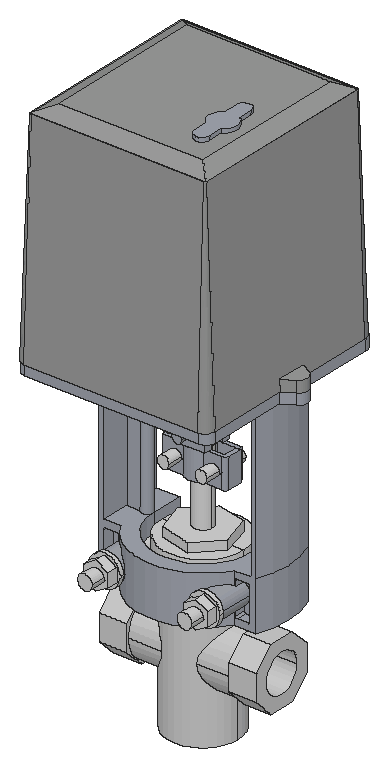
Revit family "РИДАН_Клапан регулирующий VRB-2R", category Арматура трубопроводов, Revit 2019
Family settings
  Размер круглого соединителя = Использовать диаметр
  Тип детали = Вставляется
  На основе рабочей плоскости = Нет
  Всегда вертикально = Да
  При загрузке вырезать с полостями = Нет
  Общий = Нет
Parameters (values of type "DN15 Kvs=0,63")
  Тип = 1
  Привод_3 [instance] = ► : AME-1000R 24В
  Привод_2 [instance] = ► : AMV-1000R 24В
  Привод_1 [instance] = ► : AMV-1000R 220В
  Привод_ [instance] = if(Привод = Привод_1, 1, if(Привод = Привод_2, 2, if(Привод = Привод_3, 3, 4)))  # 1
  Привод [instance] = ► : AMV-1000R 220В
  Контакты_Производитель = "info@ridan.ru"  # constant formula
  k = size_lookup(LT, "k", 20 mm, ADSK_Диаметр условный)  # 21.3 mm
  j = size_lookup(LT, "j", 20 mm, ADSK_Диаметр условный)  # 34 mm
  i = size_lookup(LT, "i", 20 mm, ADSK_Диаметр условный)  # 25 mm
  h = size_lookup(LT, "h", 20 mm, ADSK_Диаметр условный)  # 33 mm
  g = size_lookup(LT, "g", 20 mm, ADSK_Диаметр условный)  # 22.15 mm
  f = size_lookup(LT, "f", 20 mm, ADSK_Диаметр условный)  # 62.65 mm
  e = size_lookup(LT, "e", 20 mm, ADSK_Диаметр условный)  # 38 mm
  d = size_lookup(LT, "d", 20 mm, ADSK_Диаметр условный)  # 44 mm
  c = size_lookup(LT, "c", 20 mm, ADSK_Диаметр условный)  # 27.5 mm
  b = size_lookup(LT, "b", 20 mm, ADSK_Диаметр условный)  # 55 mm
  a = size_lookup(LT, "a", 20 mm, ADSK_Диаметр условный)  # 15 mm
  URL = "https://ridan.ru/"
  LT = "VRB-2R"  # constant formula
  ADSK_Расход жидкости = 0.000 m³/h
  ADSK_Пропускная способность = size_lookup(LT, "Kv", 0.000 m³/h, ADSK_Диаметр условный)  # 0.630 m³/h
  ADSK_Потеря давления жидкости = 100000.0 Pa * (ADSK_Расход жидкости / ADSK_Пропускная способность) ^ 2  # 0.0 Pa
  ADSK_Полная мощность = ADSK_Номинальная мощность / ADSK_Коэффициент мощности  # 6.7 VA
  ADSK_Номинальная мощность = 6.7 W
  ADSK_Напряжение [instance] = if(Привод_ = 1, 220 V, 24 V)  # 220 V
  ADSK_Наименование = size_lookup(LT, "Name", "", ADSK_Диаметр условный, Тип)  # "Клапан регулирующий VRB-2R с внутренней резьбой PN25, Tmax=130C, DN15, Kvs=0,63 м3\\ч"
  ADSK_Масса_Текст = ""
  ADSK_Масса = size_lookup(LT, "M", 0, ADSK_Диаметр условный, Тип)  # 1.25
  ADSK_Марка = size_lookup(LT, "Mark", "", ADSK_Диаметр условный, Тип)  # "VRB-2R DN15"
  ADSK_Коэффициент мощности = 1
  ADSK_Количество фаз = 1
  ADSK_Количество = 1  # constant formula
  ADSK_Код изделия = size_lookup(LT, "", "", ADSK_Диаметр условный, Тип)  # "065Z0231R"
  ADSK_Классификация нагрузок = Прочее
  ADSK_Завод-изготовитель = "ООО «Ридан-Трейд»"  # constant formula
  ADSK_Единица измерения = "шт."
  ADSK_Диаметр условный = 15 mm
  ADSK_Версия семейства = "1.0"  # constant formula
  ADSK_Версия Revit = "2019"  # constant formula
Types (11, lengths in mm): name | Тип | k | j | i | h | g | f | e | d | c | b | a | ADSK_Пропускная способность | ADSK_Полная мощность | ADSK_Номинальная мощность | ADSK_Наименование | ADSK_Масса | ADSK_Марка | ADSK_Код изделия | ADSK_Классификация нагрузок | ADSK_Диаметр условный
  (no name) | 1 | 21.3 | 34 | 25 | 33 | 22.15 | 62.65 | 38 | 44 | 27.5 | 55 | 15 | 0.630 m³/h | 6.7 VA | 6.7 W | "Клапан регулирующий VRB-2R с внутренней резьбой PN25, Tmax=130C, DN15, Kvs=0,63 м3\\ч" | 1.25 | "VRB-2R DN15" | "065Z0231R" | Прочее | 15
  DN15 Kvs=0,63 | 1 | 21.3 | 34 | 25 | 33 | 22.15 | 62.65 | 38 | 44 | 27.5 | 55 | 15 | 0.630 m³/h | 6.7 VA | 6.7 W | "Клапан регулирующий VRB-2R с внутренней резьбой PN25, Tmax=130C, DN15, Kvs=0,63 м3\\ч" | 1.25 | "VRB-2R DN15" | "065Z0231R" | Прочее | 15
  DN15 Kvs=1 | 2 | 21.3 | 34 | 25 | 33 | 22.15 | 62.65 | 38 | 44 | 27.5 | 55 | 15 | 0.630 m³/h | 0 VA | 0 W | "Клапан регулирующий VRB-2R с внутренней резьбой PN25, Tmax=130C, DN15, Kvs=1 м3\\ч" | 1.25 | "VRB-2R DN15" | "065Z0232R" | none | 15
  DN15 Kvs=1,6 | 3 | 21.3 | 34 | 25 | 33 | 22.15 | 62.65 | 38 | 44 | 27.5 | 55 | 15 | 0.630 m³/h | 0 VA | 0 W | "Клапан регулирующий VRB-2R с внутренней резьбой PN25, Tmax=130C, DN15, Kvs=1,6 м3\\ч" | 1.25 | "VRB-2R DN15" | "065Z0233R" | none | 15
  DN15 Kvs=2,5 | 4 | 21.3 | 34 | 25 | 33 | 22.15 | 62.65 | 38 | 44 | 27.5 | 55 | 15 | 0.630 m³/h | 0 VA | 0 W | "Клапан регулирующий VRB-2R с внутренней резьбой PN25, Tmax=130C, DN15, Kvs=2,5 м3\\ч" | 1.25 | "VRB-2R DN15" | "065Z0234R" | none | 15
  DN15 Kvs=4 | 5 | 21.3 | 34 | 25 | 33 | 22.15 | 62.65 | 38 | 44 | 27.5 | 55 | 15 | 0.630 m³/h | 0 VA | 0 W | "Клапан регулирующий VRB-2R с внутренней резьбой PN25, Tmax=130C, DN15, Kvs=4 м3\\ч" | 1.25 | "VRB-2R DN15" | "065Z0235R" | none | 15
  DN20 Kvs=6,3 | 6 | 26.4 | 34 | 25 | 33 | 22.15 | 62.65 | 38 | 44 | 27.5 | 55 | 15 | 6.300 m³/h | 0 VA | 0 W | "Клапан регулирующий VRB-2R с внутренней резьбой PN25, Tmax=130C, DN20" | 1.25 | "VRB-2R DN20" | "065Z0236R" | none | 20
  DN25 Kvs=8 | 6 | 33.5 | 41 | 26 | 40 | 22.15 | 60.65 | 41 | 46 | 24.5 | 49 | 20.5 | 8.000 m³/h | 0 VA | 0 W | "Клапан регулирующий VRB-2R с внутренней резьбой PN25, Tmax=130C, DN25" | 1.4 | "VRB-2R DN25" | "065Z0237R" | none | 25
  DN32 Kvs=12 | 6 | 42 | 50 | 30 | 48.71 | 26.42 | 69.39 | 50 | 45.5 | 33.5 | 67 | 19 | 12.000 m³/h | 0 VA | 0 W | "Клапан регулирующий VRB-2R с внутренней резьбой PN25, Tmax=130C, DN32" | 2.15 | "VRB-2R DN32" | "065Z0238R" | none | 32
  DN40 Kvs=20 | 6 | 47.8 | 58 | 38 | 55.9 | 30.39 | 79.39 | 64 | 45.5 | 41 | 82 | 19 | 20.000 m³/h | 0 VA | 0 W | "Клапан регулирующий VRB-2R с внутренней резьбой PN25, Tmax=130C, DN40" | 2.5 | "VRB-2R DN40" | "065Z0239R" | none | 40
  DN50 Kvs=30 | 6 | 59.6 | 69 | 47.5 | 67.81 | 37.69 | 93.19 | 69 | 45.5 | 51 | 102 | 19 | 30.000 m³/h | 0 VA | 0 W | "Клапан регулирующий VRB-2R с внутренней резьбой PN25, Tmax=130C, DN50" | 2.5 | "VRB-2R DN50" | "065Z0240R" | none | 50
Reference planes
  plane 1 "По центру (Вперед/Назад)": y = 0
  plane 2: z = 0
  plane 3 "По центру (Влево/Вправо)": x = 0
  plane 4: x = -27.5
  plane 5: x = -42.5
  plane 6: x = 27.5
  plane 7: x = 42.5
  plane 8: z = 25
  plane 9: z = 22.15
  plane 10: z = -40.5
Forms (mm)
  Extrusion 1, solid, material "Латунь никелированная", detail levels fine
    sketch origin (0, 0, 0) x (0, 1, 0) y (0, 0, 1)
      loop
        circle (0, 0) r 16.5
    from -27.5 to 27.5
  Extrusion 2, solid, material "Латунь никелированная", detail levels fine
    sketch origin (0, 0, 0) x (0, 1, 0) y (0, 0, 1)
      loop
        line (-7.042, 17) -> (-17, 7.042) -> (-17, -7.042) -> (-7.042, -17) -> (7.042, -17) -> (17, -7.042) -> (17, 7.042) -> (7.042, 17) -> (-7.042, 17)
    from -42.5 to -27.5
  Extrusion 3, solid, material "Латунь никелированная", detail levels fine
    sketch origin (0, 0, 0) x (0, 1, 0) y (0, 0, 1)
      loop
        line (-7.042, 17) -> (-17, 7.042) -> (-17, -7.042) -> (-7.042, -17) -> (7.042, -17) -> (17, -7.042) -> (17, 7.042) -> (7.042, 17) -> (-7.042, 17)
    from 27.5 to 42.5
  Extrusion 4, solid, material "Латунь никелированная", detail levels fine
    sketch origin (0, 0, 0) x (1, 0, 0) y (0, 1, 0)
      loop
        circle (0, 0) r 19
    from -40.5 to 22.15
  Extrusion 5, void
    sketch origin (0, 0, 0) x (0, 1, 0) y (0, 0, 1)
      loop
        circle (0, 0) r 10.65
    from -42.5 to -27.5
  Extrusion 6, void
    sketch origin (47.593, 0, 0) x (0, 1, 0) y (0, 0, 1)
      loop
        circle (0, 0) r 10.65
    from -20.093 to -5.093
  Blend 7, solid, material "Латунь никелированная", detail levels fine
    base sketch origin (0, 0, 0) x (1, 0, 0) y (0, 1, 0)
      loop
        circle (0, 0) r 19
    top sketch origin (0, 0, 0) x (1, 0, 0) y (0, 1, 0)
      loop
        circle (0, 0) r 22
    from 22.15 to 25
Cuts and joins
  Extrusion 5, Extrusion 6 cuts Extrusion 1
  Extrusion 5 cuts Extrusion 4
  joined: Extrusion 1, Extrusion 4
  Extrusion 5, Extrusion 6 cuts Extrusion 2
  Extrusion 6 cuts Extrusion 3
Dimensions and locks
  "i": plane 8 to plane 2
  "f": plane 9 to plane 10
  "g": plane 9 to plane 2
  "c": plane 4 to plane 3 "По центру (Влево/Вправо)"
  "b": plane 4 to plane 6
  "a": plane 5 to plane 4
  "a": plane 7 to plane 6
  equal spacing: Extrusion 2 sketch curve, plane 2, Extrusion 2 sketch curve  (x3)
  equal spacing: Extrusion 2 sketch curve, plane 1 "По центру (Вперед/Назад)", Extrusion 2 sketch curve
  "j": Extrusion 2 sketch curve to Extrusion 2 sketch curve  (x4)
  equal spacing: Extrusion 3 sketch curve, plane 2, Extrusion 3 sketch curve  (x3)
  equal spacing: Extrusion 3 sketch curve, plane 1 "По центру (Вперед/Назад)", Extrusion 3 sketch curve
  "j": Extrusion 3 sketch curve to Extrusion 3 sketch curve  (x4)
  "h": diameter of Extrusion 1 sketch curve
  "e": diameter of Extrusion 4 sketch curve
  "k": diameter of Extrusion 5 sketch curve
  "k": diameter of Extrusion 6 sketch curve
  "e": diameter of Blend 7 sketch curve
  "d": diameter of Blend 7 sketch curve
  angle Extrusion 2 sketch curve to Extrusion 2 sketch curve = 135.00°  (x8)
  angle Extrusion 3 sketch curve to Extrusion 3 sketch curve = 135.00°  (x8)
  aligned and locked: level to plane 2
  aligned and locked: plane 4 to Extrusion 1
  aligned and locked: plane 6 to Extrusion 1
  aligned and locked: Extrusion 2 to plane 4
  aligned and locked: plane 5 to Extrusion 2
  aligned and locked: Extrusion 3 to plane 6
  aligned and locked: plane 7 to Extrusion 3
  aligned and locked: plane 5 to cut or joined group of Extrusion 1, Extrusion 4, Extrusion 5, Extrusion 6
  aligned and locked: cut or joined group of Extrusion 1, Extrusion 4, Extrusion 5, Extrusion 6 to plane 4
  aligned and locked: plane 9 to Blend 7
  aligned and locked: Blend 7 to plane 8
  aligned and locked: plane 8 to nested 1
  aligned and locked: cut or joined group of Extrusion 1, Extrusion 4, Extrusion 5, Extrusion 6 to plane 9
  aligned and locked: plane 10 to cut or joined group of Extrusion 1, Extrusion 4, Extrusion 5, Extrusion 6
  aligned and locked: Extrusion 6 to plane 6
  aligned and locked: plane 7 to cut or joined group of Extrusion 3, Extrusion 6
  aligned and locked: nested 2 to plane 8
  aligned and locked: nested 3 to plane 8
  aligned and locked: plane 4 to nested 4
  aligned and locked: nested 5 to plane 4
Automatic sketch dimensions
  Extrusion 1 sketch curve to level = 0 mm
  Extrusion 1 sketch curve to plane 1 "По центру (Вперед/Назад)" = 0 mm
  plane 1 "По центру (Вперед/Назад)" to Extrusion 4 sketch curve = 0 mm
  Extrusion 4 sketch curve to plane 3 "По центру (Влево/Вправо)" = 0 mm
  Extrusion 5 sketch curve to level = 0 mm
  Extrusion 5 sketch curve to plane 1 "По центру (Вперед/Назад)" = 0 mm
  Extrusion 6 sketch curve to level = 0 mm
  Extrusion 6 sketch curve to plane 1 "По центру (Вперед/Назад)" = 0 mm
  plane 1 "По центру (Вперед/Назад)" to Blend 7 sketch curve = 0 mm  (x2)
  Blend 7 sketch curve to plane 3 "По центру (Влево/Вправо)" = 0 mm  (x2)
Nested families
  nested 1: "Шток_VRB-2R" at (0, 0, 25), type "Шток_VRB-2R", detail levels fine
  nested 2: "Привод" at (0, -6.561, 25), type "Привод", detail levels fine
    with ADSK_Позиция_Сортировка 0, ADSK_Позиция_Комплект 0, ADSK_Группирование ""
  nested 3: "Влж_AMV(E)-1000R" at (0, 0, 24), Type <- "Привод_", type "Влж_AMV(E)-1000R"
    with Type 1, ADSK_Наименование "Редукторный электропривод Ридан AMV-1000R 220В", ADSK_Масса 1.9, ADSK_Марка "AMV-1000R 220В", ADSK_Код изделия "082G3024R"
  nested 4: "УГО_клапана" at (0, 0, 0), УГО_Длина <- "b", type "УГО_клапана", detail levels coarse+medium
    with УГО_Длина 55 mm, УГО_Высота 41.969 mm
  nested 5: "УГО_ЭУ_клапана" at (0, 0, 0), УГО_Длина <- "b", type "УГО_ЭУ_клапана"
    with УГО_Длина 55 mm, УГО_Высота 41.969 mm
Connectors
  piping at (-27.5, 0, 0), diameter 15, driven by "ADSK_Диаметр условный", driven by "ADSK_Расход жидкости", driven by "ADSK_Потеря давления жидкости"
    settings: on plane 4, index 1, connector inside diameter 609.6 mm, connector length 0 mm, flow factor 0, pipe flow 0.000 m³/h, pressure drop 0.0 Pa, fitting loss kfactor 0, connector angle 0.00°, fixture units 0, engagement length 0 mm, angle of deflection 0.00°, flow configuration 0, flow direction 1, fitting loss method 4, system type 29, joint type 0, gender type 0, connector reference index 2, connector utility 0, adjustable connector no, is connector primary yes, connector description ""
  piping at (27.5, 0, 0), diameter 15, driven by "ADSK_Диаметр условный", driven by "ADSK_Расход жидкости"
    settings: on plane 6, index 2, connector inside diameter 609.6 mm, connector length 0 mm, flow factor 0, pipe flow 0.000 m³/h, pressure drop 0.0 Pa, fitting loss kfactor 0, connector angle 0.00°, fixture units 0, engagement length 0 mm, angle of deflection 0.00°, flow configuration 0, flow direction 2, fitting loss method 0, system type 29, joint type 0, gender type 0, connector reference index 1, connector utility 0, adjustable connector no, is connector primary no, connector description ""
  electrical at (10.85, 33.755, 119.5)
    settings: on nested 2, index 3, voltage 0 V, apparent load 0 VA, apparent load phase1 0 VA, apparent load phase2 0 VA, apparent load phase3 0 VA, power factor 1, load classification "Прочее", number of poles 1, system type 14, power factor state 1, is connector primary yes, connector utility no, sub classification motor no, connector description ""
Definition of nested family "Шток_VRB-2R"
  Reference planes
    plane 1 "По центру (Вперед/Назад)": y = 0
    plane 2: z = 0
    plane 3 "По центру (Влево/Вправо)": x = 0
  Forms (mm)
    Revolve 1, solid
      sketch origin (0, 0, 0) x (1, 0, 0) y (0, 0, 1)
        loop
          line (0, 27.5) -> (-22, 27.5) -> (-22, 19.27)
          spline (-22, 19.27) -> (-21.506, 19.085) -> (-21.034, 18.85) -> (-20.59, 18.566) -> (-20.178, 18.237) -> (-19.803, 17.866) -> (-19.469, 17.458) -> (-19.18, 17.017) -> (-18.939, 16.548) -> (-18.748, 16.056) -> (-18.611, 15.547) -> (-18.528, 15.027) -> (-18.5, 14.5)
          spline (-18.5, 14.5) -> (-18.528, 13.973) -> (-18.611, 13.453) -> (-18.748, 12.944) -> (-18.939, 12.452) -> (-19.18, 11.983) -> (-19.469, 11.542) -> (-19.803, 11.134) -> (-20.178, 10.763) -> (-20.59, 10.434) -> (-21.034, 10.15) -> (-21.506, 9.915) -> (-22, 9.73)
          line (-22, 9.73) -> (-22, 0) -> (0, 0) -> (0, 27.5)
        axis (0, 27.5) -> (0, 0)
      angle from 0 to 360
    Extrusion 2, solid
      sketch origin (0, 0, 0) x (1, 0, 0) y (0, 1, 0)
        loop
          line (-4.951, 16.598) -> (-16.85, 4.011) -> (-11.899, -12.587) -> (4.951, -16.598) -> (16.85, -4.011) -> (11.899, 12.587) -> (-4.951, 16.598)
      from 27.5 to 32.5
    Revolve 3, solid
      sketch origin (0, 0, 0) x (1, 0, 0) y (0, 0, 1)
        loop
          line (-5, 61.455) -> (-5, 32.5) -> (0, 32.5) -> (0, 74.5) -> (-3.5, 74.5) -> (-5, 71.902) -> (-5, 68.5) -> (-4.36, 68) -> (-3.5, 68) -> (-3.5, 64) -> (-4.5, 64) -> (-5, 61.455)
        axis (0, 74.5) -> (0, 32.5)
      angle from 0 to 360
  Dimensions and locks
    aligned and locked: level to plane 2
Definition of nested family "Привод"
  Parameters (values of type "Привод")
    ADSK_Позиция_Сортировка [instance] = 0
    ADSK_Позиция_Комплект [instance] = 0
    ADSK_Наименование = ""
    ADSK_Масса_Текст = ""
    ADSK_Масса = 0
    ADSK_Марка = ""
    ADSK_Количество = 1
    ADSK_Код изделия = ""
    ADSK_Завод-изготовитель = ""
    ADSK_Единица измерения = ""
    ADSK_Группирование [instance] = ""
  Reference planes
    plane 1 "По центру (Вперед/Назад)": y = 0
    plane 2: z = 0
    plane 3 "По центру (Влево/Вправо)": x = 0
    plane 4: z = 245
    plane 5 "1": z = 15
    plane 6: x = -26.87
    plane 7 "2": y = 6.561
    plane 8 "3": y = 39.5
    plane 9: x = 10.75
  Forms (mm)
    Blend 1, solid
      base sketch origin (0, 0, 0) x (1, 0, 0) y (0, 1, 0)
        loop
          line (-51.779, 51) -> (-51.779, -51)
          arc (-51.779, -51) -> (-50.315, -54.536) -> (-46.779, -56) r 5
          line (-46.779, -56) -> (47.221, -56)
          arc (47.221, -56) -> (50.756, -54.536) -> (52.221, -51) r 5
          line (52.221, -51) -> (52.221, 51)
          arc (52.221, 51) -> (50.756, 54.536) -> (47.221, 56) r 5
          line (47.221, 56) -> (-46.779, 56)
          arc (-46.779, 56) -> (-50.315, 54.536) -> (-51.779, 51) r 5
      top sketch origin (0, 0, 0) x (1, 0, 0) y (0, 1, 0)
        loop
          spline (-46.814, 51.965) -> (-46.935, 51.953) -> (-47.054, 51.925) -> (-47.167, 51.883) -> (-47.275, 51.826) -> (-47.375, 51.757) -> (-47.464, 51.675) -> (-47.543, 51.582) -> (-47.609, 51.48) -> (-47.662, 51.37) -> (-47.7, 51.255) -> (-47.723, 51.136) -> (-47.731, 51.014)
          line (-47.731, 51.014) -> (-47.741, -50.965)
          arc (-47.741, -50.965) -> (-47.449, -51.672) -> (-46.741, -51.965) r 1
          line (-46.741, -51.965) -> (47.255, -51.965)
          spline (47.255, -51.965) -> (47.376, -51.953) -> (47.495, -51.925) -> (47.609, -51.883) -> (47.716, -51.826) -> (47.816, -51.757) -> (47.905, -51.675) -> (47.984, -51.582) -> (48.05, -51.48) -> (48.103, -51.37) -> (48.141, -51.255) -> (48.164, -51.136) -> (48.172, -51.014)
          line (48.172, -51.014) -> (48.183, 51.014)
          spline (48.183, 51.014) -> (48.164, 51.136) -> (48.141, 51.255) -> (48.103, 51.37) -> (48.05, 51.48) -> (47.984, 51.582) -> (47.905, 51.675) -> (47.816, 51.757) -> (47.716, 51.826) -> (47.609, 51.883) -> (47.495, 51.925) -> (47.376, 51.953) -> (47.255, 51.965)
          line (47.255, 51.965) -> (-46.814, 51.965)
      from 121 to 240.714
    Extrusion 2, solid
      sketch origin (0, 0, 0) x (1, 0, 0) y (0, 1, 0)
        loop
          arc (-47, 57.061) -> (-50.536, 55.596) -> (-52, 52.061) r 5
          line (-52, 52.061) -> (-52, 9.016) -> (-58.5, 5.264)
          arc (-58.5, 5.264) -> (-61, 0.933) -> (-58.5, -3.397) r 5
          line (-58.5, -3.397) -> (-52, -7.149) -> (-52, -50.189)
          arc (-52, -50.189) -> (-50.609, -53.548) -> (-47.25, -54.939) r 4.75
          line (-47.25, -54.939) -> (47, -54.939)
          arc (47, -54.939) -> (50.536, -53.475) -> (52, -49.939) r 5
          line (52, -49.939) -> (52, -6.912) -> (58.5, -3.159)
          arc (58.5, -3.159) -> (61, 1.171) -> (58.5, 5.501) r 5
          line (58.5, 5.501) -> (52, 9.254) -> (52, 52.061)
          arc (52, 52.061) -> (50.536, 55.596) -> (47, 57.061) r 5
          line (47, 57.061) -> (-47, 57.061)
      from 115 to 121
    Blend 3, solid
      base sketch origin (0, 0, 0) x (1, 0, 0) y (0, 1, 0)
        loop
          line (-38.166, -43.387) -> (39.607, -43.387) -> (39.607, 43.387) -> (-38.166, 43.387) -> (-38.166, -43.387)
      top sketch origin (0, 0, 0) x (1, 0, 0) y (0, 1, 0)
        loop
          line (48.012, 51.542) -> (-47.564, 51.542) -> (-47.564, -51.534) -> (48.012, -51.534) -> (48.012, 51.542)
      from 245 to 240.714
    Extrusion 4, solid
      sketch origin (0, 0, 0) x (1, 0, 0) y (0, 1, 0)
        loop
          arc (31.291, -20.344) -> (34.791, -14) -> (31.291, -7.656) r 7.5
          line (31.291, -7.656) -> (31.291, 0)
          arc (31.291, 0) -> (27.291, 4) -> (23.291, 0) r 4
          line (23.291, 0) -> (23.291, -7.656)
          arc (23.291, -7.656) -> (19.791, -14) -> (23.291, -20.344) r 7.5
          line (23.291, -20.344) -> (23.291, -28)
          arc (23.291, -28) -> (27.291, -32) -> (31.291, -28) r 4
          line (31.291, -28) -> (31.291, -20.344)
      from 245 to 247
    Extrusion 5, solid
      sketch origin (0, 0, 0) x (1, 0, 0) y (0, 1, 0)
        loop
          line (-42.321, -10.939) -> (-39.779, -10.939) -> (-39.779, 4.561) -> (-32.515, 4.561)
          arc (-32.515, 4.561) -> (-27.279, 6.561) -> (-32.515, 8.561) r 3
          line (-32.515, 8.561) -> (-39.779, 8.561) -> (-39.779, 24.061) -> (-42.321, 24.061)
          arc (-42.321, 24.061) -> (-45.779, 6.561) -> (-42.321, -10.939) r 46
        loop
          arc (42.762, -10.939) -> (46.221, 6.561) -> (42.762, 24.061) r 46
          line (42.762, 24.061) -> (40.221, 24.061) -> (40.221, 8.561) -> (32.957, 8.561)
          arc (32.957, 8.561) -> (27.721, 6.561) -> (32.957, 4.561) r 3
          line (32.957, 4.561) -> (40.221, 4.561) -> (40.221, -10.939) -> (42.762, -10.939)
      from 28.5 to 115
    Extrusion 6, solid
      sketch origin (0, 0, 0) x (1, 0, 0) y (0, 1, 0)
        loop
          line (-26.779, 6.561) -> (-26.779, 24.061) -> (-42.321, 24.061)
          arc (-42.321, 24.061) -> (-45.779, 6.561) -> (-42.321, -10.939) r 46
          line (-42.321, -10.939) -> (-30.379, -10.939)
          arc (-30.379, -10.939) -> (0.221, -28.689) -> (30.82, -10.939) r 35.25
          line (30.82, -10.939) -> (42.762, -10.939)
          arc (42.762, -10.939) -> (46.221, 6.561) -> (42.762, 24.061) r 46
          line (42.762, 24.061) -> (26.779, 24.061) -> (26.779, 1.7)
          arc (26.779, 1.7) -> (-2.22, -20.329) -> (-26.779, 6.561) r 27
      from 2 to 28.5
    Sweep 7, solid
      path origin (0, 0, 15) x (-1, 0, 0) y (0, -1, 0)
        loop
          line (26.909, 39.569) -> (26.909, -4.112)
          arc (26.909, -4.112) -> (1.306, -32.44) -> (-27.022, -6.837) r 27
          line (-27.022, -6.837) -> (-27.022, 39.494)
      profile origin (-1.306, 32.44, 15) x (-0.050468, 0.998726, 0) y (0, 0, 1)
        loop
          circle (0, 0) r 4
    Extrusion 8, void
      sketch origin (0, 0, 0) x (1, 0, 0) y (0, 0, 1)
        loop
          line (-32.5, 25) -> (-38.5, 25)
          arc (-38.5, 25) -> (-39.207, 24.707) -> (-39.5, 24) r 1
          line (-39.5, 24) -> (-39.5, 6.5)
          arc (-39.5, 6.5) -> (-39.207, 5.793) -> (-38.5, 5.5) r 1
          line (-38.5, 5.5) -> (-32.5, 5.5)
          arc (-32.5, 5.5) -> (-31.793, 5.793) -> (-31.5, 6.5) r 1
          line (-31.5, 6.5) -> (-31.5, 10.766)
          arc (-31.5, 10.766) -> (-33.085, 12.764) -> (-33.65, 15.25) r 5.75
          arc (-33.65, 15.25) -> (-33.085, 17.736) -> (-31.5, 19.734) r 5.75
          line (-31.5, 19.734) -> (-31.5, 24)
          arc (-31.5, 24) -> (-31.793, 24.707) -> (-32.5, 25) r 1
        loop
          arc (32.5, 25) -> (31.793, 24.707) -> (31.5, 24) r 1
          line (31.5, 24) -> (31.5, 19.734)
          arc (31.5, 19.734) -> (33.65, 15.25) -> (31.5, 10.766) r 5.75
          line (31.5, 10.766) -> (31.5, 6.5)
          arc (31.5, 6.5) -> (31.793, 5.793) -> (32.5, 5.5) r 1
          line (32.5, 5.5) -> (38.5, 5.5)
          arc (38.5, 5.5) -> (39.207, 5.793) -> (39.5, 6.5) r 1
          line (39.5, 6.5) -> (39.5, 24)
          arc (39.5, 24) -> (39.207, 24.707) -> (38.5, 25) r 1
          line (38.5, 25) -> (32.5, 25)
        loop
          line (-27, 11.2) -> (-26, 11.2)
          arc (-26, 11.2) -> (-21.95, 15.25) -> (-26, 19.3) r 4.05
          line (-26, 19.3) -> (-27, 19.3) -> (-27.9, 19.3)
          arc (-27.9, 19.3) -> (-30.764, 18.114) -> (-31.95, 15.25) r 4.05
          arc (-31.95, 15.25) -> (-30.764, 12.386) -> (-27.9, 11.2) r 4.05
          line (-27.9, 11.2) -> (-27, 11.2)
        loop
          line (27, 11.2) -> (27.9, 11.2)
          arc (27.9, 11.2) -> (30.764, 12.386) -> (31.95, 15.25) r 4.05
          arc (31.95, 15.25) -> (30.764, 18.114) -> (27.9, 19.3) r 4.05
          line (27.9, 19.3) -> (27, 19.3) -> (26, 19.3)
          arc (26, 19.3) -> (21.95, 15.25) -> (26, 11.2) r 4.05
          line (26, 11.2) -> (27, 11.2)
      from 5 to 62
    Extrusion 9, solid
      sketch origin (-0.068, 0, 0) x (1, 0, 0) y (0, 0, 1)
        loop
          line (-26.87, 22.485) -> (-33.353, 18.743) -> (-33.353, 11.257) -> (-26.87, 7.515) -> (-20.388, 11.257) -> (-20.388, 18.743) -> (-26.87, 22.485)
        loop
          line (27.141, 22.485) -> (20.659, 18.743) -> (20.659, 11.257) -> (27.141, 7.515) -> (33.624, 11.257) -> (33.624, 18.743) -> (27.141, 22.485)
        loop
          circle (-26.87, 15) r 4
        loop
          circle (27.141, 15) r 4
      from 32.339 to 26.553
    Extrusion 10, solid
      sketch origin (0, 0, 0) x (1, 0, 0) y (0, 0, 1)
        loop
          circle (27.13, 15) r 8.56
        loop
          circle (-26.87, 15) r 8.56
        loop
          circle (27.13, 15) r 4
        loop
          circle (-26.87, 15) r 4
      from 24.439 to 26.553
    Extrusion 11, solid
      sketch origin (0, 0, 0) x (1, 0, 0) y (0, 0, 1)
        loop
          circle (-26.87, 15) r 7.5
        loop
          circle (-26.87, 15) r 4
      from 5 to 24.439
    Extrusion 12, void
      sketch origin (0, 0, 0) x (1, 0, 0) y (0, 0, -1)
        loop
          arc (-32.5, -25) -> (-31.793, -24.707) -> (-31.5, -24) r 1
          line (-31.5, -24) -> (-31.5, -19.734)
          arc (-31.5, -19.734) -> (-33.085, -17.736) -> (-33.65, -15.25) r 5.75
          arc (-33.65, -15.25) -> (-33.085, -12.764) -> (-31.5, -10.766) r 5.75
          line (-31.5, -10.766) -> (-31.5, -6.5)
          arc (-31.5, -6.5) -> (-31.793, -5.793) -> (-32.5, -5.5) r 1
          line (-32.5, -5.5) -> (-38.5, -5.5)
          arc (-38.5, -5.5) -> (-39.207, -5.793) -> (-39.5, -6.5) r 1
          line (-39.5, -6.5) -> (-39.5, -24)
          arc (-39.5, -24) -> (-39.207, -24.707) -> (-38.5, -25) r 1
          line (-38.5, -25) -> (-32.5, -25)
        loop
          line (32.5, -25) -> (38.5, -25)
          arc (38.5, -25) -> (39.207, -24.707) -> (39.5, -24) r 1
          line (39.5, -24) -> (39.5, -6.5)
          arc (39.5, -6.5) -> (39.207, -5.793) -> (38.5, -5.5) r 1
          line (38.5, -5.5) -> (32.5, -5.5)
          arc (32.5, -5.5) -> (31.793, -5.793) -> (31.5, -6.5) r 1
          line (31.5, -6.5) -> (31.5, -10.766)
          arc (31.5, -10.766) -> (33.65, -15.25) -> (31.5, -19.734) r 5.75
          line (31.5, -19.734) -> (31.5, -24)
          arc (31.5, -24) -> (31.793, -24.707) -> (32.5, -25) r 1
        loop
          line (-27, -11.2) -> (-27.9, -11.2)
          arc (-27.9, -11.2) -> (-30.764, -12.386) -> (-31.95, -15.25) r 4.05
          arc (-31.95, -15.25) -> (-30.764, -18.114) -> (-27.9, -19.3) r 4.05
          line (-27.9, -19.3) -> (-27, -19.3) -> (-26, -19.3)
          arc (-26, -19.3) -> (-21.95, -15.25) -> (-26, -11.2) r 4.05
          line (-26, -11.2) -> (-27, -11.2)
        loop
          line (27, -11.2) -> (26, -11.2)
          arc (26, -11.2) -> (21.95, -15.25) -> (26, -19.3) r 4.05
          line (26, -19.3) -> (27, -19.3) -> (27.9, -19.3)
          arc (27.9, -19.3) -> (30.764, -18.114) -> (31.95, -15.25) r 4.05
          arc (31.95, -15.25) -> (30.764, -12.386) -> (27.9, -11.2) r 4.05
          line (27.9, -11.2) -> (27, -11.2)
      from 5 to 62
    Extrusion 13, solid
      sketch origin (54.012, 0, 0) x (1, 0, 0) y (0, 0, 1)
        loop
          circle (-26.87, 15) r 7.5
        loop
          circle (-26.87, 15) r 4
      from 5 to 24.439
    Extrusion 14, void
      sketch origin (0, 0, 0) x (1, 0, 0) y (0, 1, 0)
        loop
          line (27.221, 6.561) -> (-26.779, 6.561)
          arc (-26.779, 6.561) -> (0.221, -20.439) -> (27.221, 6.561) r 27
      from 0 to 25
    Extrusion 15, solid
      sketch origin (0, 0, 0) x (1, 0, 0) y (0, 1, 0)
        loop
          line (-9.529, 0.932) -> (0.221, -4.698) -> (9.971, 0.932) -> (9.971, 12.19) -> (0.221, 17.819) -> (-9.529, 12.19) -> (-9.529, 0.932)
      from 93.285 to 115
    Extrusion 16, solid
      sketch origin (0, 0, 0) x (1, 0, 0) y (0, 1, 0)
        loop
          line (-30.279, 13.311) -> (-30.279, 10.306) -> (-27.779, 10.361)
          arc (-27.779, 10.361) -> (-23.979, 6.561) -> (-27.779, 2.761) r 3.8
          line (-27.779, 2.761) -> (-30.274, 2.815) -> (-30.274, -0.19) -> (2.221, -2.93) -> (8.221, -2.93)
          arc (8.221, -2.93) -> (9.635, -2.344) -> (10.221, -0.93) r 2
          line (10.221, -0.93) -> (10.221, 14.071)
          arc (10.221, 14.071) -> (9.635, 15.485) -> (8.221, 16.071) r 2
          line (8.221, 16.071) -> (2.221, 16.071) -> (-30.279, 13.311)
      from 90.098 to 93.098
    Revolve 17, solid
      sketch origin (0, 6.561, 0) x (0, 0, 1) y (-1, 0, 0)
        loop
          line (90.098, 6) -> (73.088, 6) -> (73.088, 0) -> (90.098, 0) -> (90.098, 6)
        axis (90.098, 0) -> (73.088, 0)
      angle from 0 to 360
    Extrusion 18, solid
      sketch origin (0, 0, 0) x (1, 0, 0) y (0, 1, 0)
        loop
          line (17.221, 2.561) -> (17.221, 10.561) -> (15.221, 10.561) -> (15.221, 2.561) -> (4.023, 2.561)
          arc (4.023, 2.561) -> (-0.779, 0.311) -> (-5.582, 2.561) r 6.25
          line (-5.582, 2.561) -> (-16.779, 2.561) -> (-16.779, 0.561) -> (-6.071, 0.561)
          arc (-6.071, 0.561) -> (-0.779, -1.439) -> (4.512, 0.561) r 8
          line (4.512, 0.561) -> (15.221, 0.561)
          arc (15.221, 0.561) -> (16.635, 1.147) -> (17.221, 2.561) r 2
      from 73 to 57
    Extrusion 19, solid
      sketch origin (0, 0, 0) x (1, 0, 0) y (0, 1, 0)
        loop
          line (-17.779, 10.561) -> (-17.779, 2.561) -> (-15.779, 2.561) -> (-15.779, 10.561) -> (-4.582, 10.561)
          arc (-4.582, 10.561) -> (0.221, 12.811) -> (5.023, 10.561) r 6.25
          line (5.023, 10.561) -> (16.221, 10.561) -> (16.221, 12.561) -> (5.512, 12.561)
          arc (5.512, 12.561) -> (0.221, 14.561) -> (-5.071, 12.561) r 8
          line (-5.071, 12.561) -> (-15.779, 12.561)
          arc (-15.779, 12.561) -> (-17.194, 11.975) -> (-17.779, 10.561) r 2
      from 73 to 57
    Extrusion 20, solid
      sketch origin (0, 0, 0) x (1, 0, 0) y (0, 0, 1)
        loop
          arc (7.5, 82.588) -> (5.743, 86.831) -> (1.5, 88.588) r 6
          line (1.5, 88.588) -> (-1.5, 88.588)
          arc (-1.5, 88.588) -> (-5.743, 86.831) -> (-7.5, 82.588) r 6
          line (-7.5, 82.588) -> (-7.5, 73) -> (7.5, 73) -> (7.5, 82.588)
        loop
          line (0.75, 84.838) -> (-0.75, 84.838)
          arc (-0.75, 84.838) -> (-3.5, 82.088) -> (-0.75, 79.338) r 2.75
          line (-0.75, 79.338) -> (0.75, 79.338)
          arc (0.75, 79.338) -> (3.5, 82.088) -> (0.75, 84.838) r 2.75
      from -2.561 to 1.439
    Extrusion 21, solid
      sketch origin (0, 13.122, 0) x (1, 0, 0) y (0, 0, -1)
        loop
          line (7.5, -82.588) -> (7.5, -73) -> (-7.5, -73) -> (-7.5, -82.588)
          arc (-7.5, -82.588) -> (-5.743, -86.831) -> (-1.5, -88.588) r 6
          line (-1.5, -88.588) -> (1.5, -88.588)
          arc (1.5, -88.588) -> (5.743, -86.831) -> (7.5, -82.588) r 6
        loop
          arc (0.75, -84.838) -> (3.5, -82.088) -> (0.75, -79.338) r 2.75
          line (0.75, -79.338) -> (-0.75, -79.338)
          arc (-0.75, -79.338) -> (-3.5, -82.088) -> (-0.75, -84.838) r 2.75
          line (-0.75, -84.838) -> (0.75, -84.838)
      from -2.561 to 1.439
    Extrusion 22, solid
      sketch origin (0, 0, 0) x (1, 0, 0) y (0, 0, 1)
        loop
          circle (0, 82.098) r 2.75
      from -24 to 11
    Extrusion 23, solid
      sketch origin (0, 0, 0) x (1, 0, 0) y (0, 0, 1)
        loop
          circle (-10.25, 65.088) r 4.15
        loop
          circle (10.25, 65.088) r 4.15
        loop
          line (-9.413, 67.24) -> (-11.696, 66.889) -> (-12.533, 64.737) -> (-11.087, 62.936) -> (-8.804, 63.287) -> (-7.967, 65.44) -> (-9.413, 67.24)
        loop
          line (10.471, 67.387) -> (8.37, 66.429) -> (8.149, 64.13) -> (10.029, 62.789) -> (12.13, 63.747) -> (12.351, 66.046) -> (10.471, 67.387)
      from -12.561 to -17.311
    Extrusion 24, solid
      sketch origin (0, 0, 0) x (1, 0, 0) y (0, 0, 1)
        loop
          circle (-10.25, 65.088) r 3.2
        loop
          circle (10.25, 65.088) r 3.2
      from -10.561 to 7.456
    Revolve 25, solid
      sketch origin (21.279, 39.5, 0) x (-1, 0, 0) y (0, 0, 1)
        loop
          line (19.529, 106.5) -> (19.529, 109.5) -> (10.529, 109.5) -> (10.529, 106.5) -> (19.529, 106.5)
        loop
          line (21.029, 91.5) -> (21.029, 94.5) -> (10.529, 94.5) -> (10.529, 88.961) -> (16.229, 88.961) -> (16.229, 87.76)
          arc (16.229, 87.76) -> (18.843, 89.356) -> (21.029, 91.5) r 13.525
        axis (10.529, 109.5) -> (10.529, 87.76)
      angle from 0 to 360
    Extrusion 26, solid
      sketch origin (0, 0, 0) x (1, 0, 0) y (0, 1, 0)
        loop
          line (12.052, 50.101) -> (7.084, 50.664)
          arc (7.084, 50.664) -> (6.058, 50.272) -> (5.072, 49.787) r 11.75
          line (5.072, 49.787) -> (-0.751, 41.907)
          arc (-0.751, 41.907) -> (-0.925, 40.823) -> (-0.998, 39.727) r 11.75
          line (-0.998, 39.727) -> (2.915, 30.744)
          arc (2.915, 30.744) -> (3.767, 30.05) -> (4.68, 29.439) r 11.75
          line (4.68, 29.439) -> (14.416, 28.336)
          arc (14.416, 28.336) -> (15.442, 28.728) -> (16.428, 29.213) r 11.75
          line (16.428, 29.213) -> (22.251, 37.093)
          arc (22.251, 37.093) -> (22.425, 38.177) -> (22.498, 39.273) r 11.75
          line (22.498, 39.273) -> (18.585, 48.256)
          arc (18.585, 48.256) -> (17.733, 48.95) -> (16.82, 49.561) r 11.75
          line (16.82, 49.561) -> (12.052, 50.101)
      from 115 to 109.5
    Extrusion 27, solid
      sketch origin (0, 0, 0) x (1, 0, 0) y (0, 1, 0)
        loop
          line (12.052, 50.101) -> (7.084, 50.664)
          arc (7.084, 50.664) -> (6.058, 50.272) -> (5.072, 49.787) r 11.75
          line (5.072, 49.787) -> (-0.751, 41.907)
          arc (-0.751, 41.907) -> (-0.925, 40.823) -> (-0.998, 39.727) r 11.75
          line (-0.998, 39.727) -> (2.915, 30.744)
          arc (2.915, 30.744) -> (3.767, 30.05) -> (4.68, 29.439) r 11.75
          line (4.68, 29.439) -> (14.416, 28.336)
          arc (14.416, 28.336) -> (15.442, 28.728) -> (16.428, 29.213) r 11.75
          line (16.428, 29.213) -> (22.251, 37.093)
          arc (22.251, 37.093) -> (22.425, 38.177) -> (22.498, 39.273) r 11.75
          line (22.498, 39.273) -> (18.585, 48.256)
          arc (18.585, 48.256) -> (17.733, 48.95) -> (16.82, 49.561) r 11.75
          line (16.82, 49.561) -> (12.052, 50.101)
      from 106.5 to 94.5
    Extrusion 28, solid
      sketch origin (0, 0, 0) x (1, 0, 0) y (0, 1, 0)
        loop
          line (-49, 10.748) -> (-58.5, 5.264)
          arc (-58.5, 5.264) -> (-61, 0.933) -> (-58.5, -3.397) r 5
          line (-58.5, -3.397) -> (-49, -8.882) -> (-49, 10.748)
        loop
          line (58.5, 5.501) -> (50, 10.408) -> (50, -8.067) -> (58.5, -3.159)
          arc (58.5, -3.159) -> (61, 1.171) -> (58.5, 5.501) r 5
      from 121 to 126.929
  Cuts and joins
    Extrusion 8, Extrusion 12, Extrusion 14 cuts Extrusion 6
    joined: Extrusion 5, Extrusion 6
    Extrusion 12 cuts Extrusion 9
    Extrusion 12 cuts Extrusion 10
    Extrusion 12, Extrusion 14 cuts Extrusion 11
    Extrusion 14 cuts Blend 1
    joined: Blend 1, Extrusion 28
    Extrusion 14 cuts Extrusion 2
    Extrusion 14 cuts Blend 3
    Extrusion 14 cuts Extrusion 13
  Dimensions and locks
    plane 4 to level = 245 mm
    plane 5 "1" to level = 15 mm
    aligned and locked: level to plane 2
Definition of nested family "Влж_AMV(E)-1000R"
  Parameters (values of type "Влж_AMV(E)-1000R")
    Type [instance] = 1
    LT = "Привод"  # constant formula
    ADSK_Наименование [instance] = size_lookup(LT, "Name", "", Type)  # "Редукторный электропривод Ридан AMV-1000R 220В"
    ADSK_Масса_Текст = ""
    ADSK_Масса [instance] = size_lookup(LT, "M", 0, Type)  # 1.9
    ADSK_Марка [instance] = size_lookup(LT, "Mark", "", Type)  # "AMV-1000R 220В"
    ADSK_Количество = 1  # constant formula
    ADSK_Код изделия [instance] = size_lookup(LT, "", "", Type)  # "082G3024R"
    ADSK_Завод-изготовитель = "ООО «Ридан-Трейд»"  # constant formula
    ADSK_Единица измерения = "шт."
  Reference planes
    plane 1 "По центру (Вперед/Назад)": y = 0
    plane 2: z = 0
    plane 3 "По центру (Влево/Вправо)": x = 0
  Forms (mm)
    Extrusion 1, solid, detail levels fine
      sketch origin (0, 0, 0) x (1, 0, 0) y (0, 1, 0)
        loop
          circle (0, 0) r 0.782
      from 0 to 1
  Dimensions and locks
    aligned and locked: level to plane 2
Definition of nested family "УГО_клапана"
  Parameters (values of type "УГО_клапана")
    УГО_Длина [instance] = 48 mm
    УГО_Высота [instance] = УГО_Длина * 0.76308  # 36.628 mm
  Reference planes
    plane 1 "По центру (Вперед/Назад)": y = 0
    plane 2: z = 0
    plane 3 "По центру (Влево/Вправо)": x = 0
    plane 4: x = -24
    plane 5: x = 24
    plane 6: z = 18.314
    plane 7: z = -18.314
  Forms (mm)
    Extrusion 1, solid, detail levels coarse+medium
      sketch origin (0, 0, 0) x (1, 0, 0) y (0, 0, 1)
        loop
          line (-24, -18.314) -> (0, 0) -> (-24, 18.314) -> (-24, -18.314)
      from -0.5 to 0.5
    Extrusion 2, solid, detail levels coarse+medium
      sketch origin (0, 0, 0) x (1, 0, 0) y (0, 0, 1)
        loop
          line (24, -18.314) -> (24, 18.314) -> (0, 0) -> (24, -18.314)
      from -0.5 to 0.5
  Dimensions and locks
    equal spacing: plane 5, plane 3 "По центру (Влево/Вправо)", plane 4
    "УГО_Длина": plane 5 to plane 4
    equal spacing: plane 6, plane 2, plane 7
    "УГО_Высота": plane 6 to plane 7
    aligned and locked: level to plane 2
    aligned and locked: plane 4 to Extrusion 1 sketch curve
    aligned and locked: Extrusion 2 sketch curve to plane 5
  Automatic sketch dimensions
    Extrusion 1 sketch curve to level = 0 mm
    Extrusion 1 sketch curve to plane 3 "По центру (Влево/Вправо)" = 0 mm
    Extrusion 1 sketch curve to plane 7 = 0 mm
    Extrusion 1 sketch curve to plane 6 = 0 mm
    Extrusion 2 sketch curve to level = 0 mm
    Extrusion 2 sketch curve to plane 3 "По центру (Влево/Вправо)" = 0 mm
    Extrusion 2 sketch curve to plane 7 = 0 mm
    Extrusion 2 sketch curve to plane 6 = 0 mm
Definition of nested family "УГО_ЭУ_клапана"
  Parameters (values of type "УГО_ЭУ_клапана")
    УГО_Длина [instance] = 100 mm
    УГО_Высота [instance] = УГО_Длина * 0.76308  # 76.308 mm
  Reference planes
    plane 1 "По центру (Вперед/Назад)": y = 0
    plane 2: z = 0
    plane 3 "По центру (Влево/Вправо)": x = 0
    plane 4: x = -50
    plane 5: x = 50
    plane 6: y = 38.154
    plane 7: y = -38.154
  Lines and regions (mm)
    Filled region 1, type "Сплошная заливка - Белый", in view "Опорный уровень"
      outline origin (0, 0, 0) x (1, 0, 0) y (0, 1, 0)
        loop
          line (-50, -38.154) -> (0, 0) -> (-50, 38.154) -> (-50, -38.154)
    Filled region 2, type "Сплошная заливка - Белый", in view "Опорный уровень"
      outline origin (0, 0, 0) x (1, 0, 0) y (0, 1, 0)
        loop
          line (50, -38.154) -> (50, 38.154) -> (0, 0) -> (50, -38.154)
  Dimensions and locks
    equal spacing: plane 4, plane 3 "По центру (Влево/Вправо)", plane 5
    "УГО_Длина": plane 4 to plane 5
    equal spacing: plane 6, plane 1 "По центру (Вперед/Назад)", plane 7
    "УГО_Высота": plane 6 to plane 7
    aligned and locked: plane 4 to Filled region 1 sketch curve
    aligned and locked: Filled region 1 to plane 4
  Automatic sketch dimensions
    plane 1 "По центру (Вперед/Назад)" to Filled region 1 sketch curve = 0 mm
    Filled region 1 sketch curve to plane 3 "По центру (Влево/Вправо)" = 0 mm
    plane 7 to Filled region 1 sketch curve = 0 mm
    Filled region 1 sketch curve to plane 6 = 0 mm
    plane 1 "По центру (Вперед/Назад)" to Filled region 2 sketch curve = 0 mm
    Filled region 2 sketch curve to plane 3 "По центру (Влево/Вправо)" = 0 mm
    Filled region 2 sketch curve to plane 5 = 0 mm
    plane 7 to Filled region 2 sketch curve = 0 mm
    Filled region 2 sketch curve to plane 6 = 0 mm
